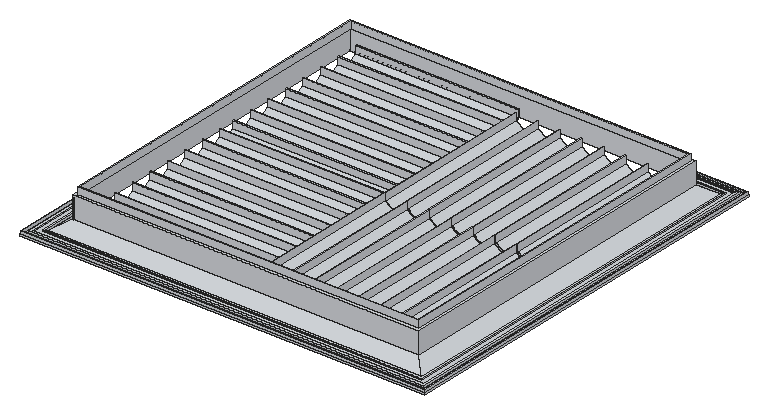
Revit family "QC-MS-2WAY-CORNER", category Generic Models, Revit 2018
Family settings
  Can host rebar = No
  Round Connector Dimension = Use Diameter
  Part Type = Normal
  Work Plane-Based = No
  Always vertical = Yes
  Cut with Voids When Loaded = No
  Shared = No
  Room Calculation Point = No
Parameters (values of type "QC-MS-24X24-2WAY CORNER")
  Thickness = 0' - 0 7/128"  # constant formula
  NOMINAL DUCT WID = 2' - 0"
  NOMINAL DUCT HI = 2' - 0"
  Model = "QC-MS"
  Manufacturer = "ANEMOSTAT PRODUCTS"
  FRAMEGAP = 0' 0 1/4" / 2  # 0' - 0 1/8"
  FACEPLATE = 0' 3 3/4" / 2  # 0' - 1 7/8"
  F9 = 35.20°  # constant formula
  F8 = 0' - 0 49/256"  # constant formula
  F7 = 0' - 0 7/64"  # constant formula
  F6 = 0' - 0 51/256"  # constant formula
  F5 = 0' - 0 133/256"  # constant formula
  F4 = 0' - 1 15/32"  # constant formula
  F3 = 0' - 0 3/4"  # constant formula
  F2 = 0' - 1 9/128"  # constant formula
  F12 = 0' - 0 33/256"  # constant formula
  F11 = 0' - 0 9/32"  # constant formula
  F10 = 0' - 0 25/64"  # constant formula
  F1 = 0' - 1"  # constant formula
  Description = "STEEL MODULAR CORE DIFFUSER W/ LATTICE FACE PLATE"
  BLADES = 8
  BLADE4WUP = QC-BLADE : QC-BLADE
  BLADE4WR = QC-BLADE : QC-BLADE
  BLADE4WLEFT = QC-BLADE : QC-BLADE
  BLADE4WDOWN = QC-BLADE : QC-BLADE
  BLADE4WAY = NOMINAL DUCT HI / 2.15  # 0' - 11.16279"
Types (11): name | NOMINAL DUCT WID | NOMINAL DUCT HI | BLADES | BLADE4WAY
  (no name) | 2' - 0" | 2' - 0" | 8 | 0' - 11.16279"
  QC-MS-06X06-2WAY CORNER | 0' - 6" | 0' - 6" | 2 | 0' - 2.7907"
  QC-MS-08X08-2WAY CORNER | 0' - 8" | 0' - 8" | 2 | 0' - 3.72093"
  QC-MS-10X10-2WAY CORNER | 0' - 10" | 0' - 10" | 3 | 0' - 4.65116"
  QC-MS-12X12-2WAY CORNER | 1' - 0" | 1' - 0" | 4 | 0' - 5.5814"
  QC-MS-14X14-2WAY CORNER | 1' - 2" | 1' - 2" | 4 | 0' - 6.51163"
  QC-MS-16X16-2WAY CORNER | 1' - 4" | 1' - 4" | 5 | 0' - 7.44186"
  QC-MS-18X18-2WAY CORNER | 1' - 6" | 1' - 6" | 6 | 0' - 8.37209"
  QC-MS-20X20-2WAY CORNER | 1' - 8" | 1' - 8" | 6 | 0' - 9.30233"
  QC-MS-22X22-2WAY CORNER | 1' - 10" | 1' - 10" | 7 | 0' - 10.23256"
  QC-MS-24X24-2WAY CORNER | 2' - 0" | 2' - 0" | 8 | 0' - 11.16279"
Reference planes (in)
  plane 1 "Center (Front/Back)": y = 0
  plane 2: z = 0
  plane 3 "Center (Left/Right)": x = 0
  plane 4: x = -12
  plane 5: x = 12
  plane 6: z = 0.75
  plane 7: z = 2.21875
  plane 8: x = -13.07031
  plane 9: x = -14.07031
  plane 10: x = -11.875
  plane 11: x = 11.875
  plane 12: z = 2.73828
  plane 13: x = -11.67578
  plane 14: y = 12
  plane 15: y = -12
  plane 16: y = 11.875
  plane 17: y = -11.875
  plane 18: x = 0.05469
  plane 19: x = -0.05469
  plane 20: y = 0.05469
  plane 21: y = -0.05469
  plane 22: z = 1.46875
Forms (in)
  Extrusion 1, solid
    sketch origin (0, 0, 0) x (1, 0, 0) y (0, 1, 0)
      loop
        line (13.875, 13.875) -> (-13.875, 13.875) -> (-13.875, -13.875) -> (13.875, -13.875) -> (13.875, 13.875)
    from 0 to 0.10938
  Sweep 2, solid
    path in 3D
      loop
        line (-13.875, -13.875, 0.10937) -> (13.875, -13.875, 0.10937) -> (13.875, 13.875, 0.10937) -> (-13.875, 13.875, 0.10937) -> (-13.875, -13.875, 0.10937)
    profile origin (-13.875, 0, 0.10937) x (1, 0, 0) y (0, 0, 1)
      loop
        line (0, 0) -> (1.0078, 0) -> (2.05469, 0.7385) -> (2.05469, 2.20725) -> (2.25391, 2.20725) -> (2.25391, 2.72678) -> (2.19922, 2.72678) -> (2.19922, 2.26194) -> (2, 2.26194) -> (2, 0.76685) -> (0.98438, 0.0504) -> (0.98438, 0.19141) -> (0.85547, 0.19141) -> (0.85547, 0.12679) -> (0.92969, 0.12679) -> (0.92969, 0.05469) -> (0.39062, 0.05469) -> (0.39062, 0.12679) -> (0.46484, 0.12679) -> (0.46484, 0.19141) -> (0.33594, 0.19141) -> (0.33594, 0.05469) -> (0.05469, 0.05469) -> (0.05469, 0.19141) -> (0, 0.19141) -> (0, 0)
  Extrusion 3, void
    sketch origin (0, 0, 0) x (1, 0, 0) y (0, 1, 0)
      loop
        line (-13.01953, 13.01953) -> (-13.01953, -13.01953) -> (13.01953, -13.01953) -> (13.01953, 13.01953) -> (-13.01953, 13.01953)
    from 0 to 0.10938
Cuts and joins
  Extrusion 3 cuts Extrusion 1
  Extrusion 3 cuts Sweep 2
Lines and regions (in)
  sketch lines
    curve 1: line (-13.875, 13.875, 0.10937) -> (-13.875, -13.875, 0.10937)
    curve 2: line (-13.875, -13.875, 0.10937) -> (13.875, -13.875, 0.10937)
    curve 3: line (13.875, -13.875, 0.10937) -> (13.875, 13.875, 0.10937)
    curve 4: line (13.875, 13.875, 0.10937) -> (-13.875, 13.875, 0.10937)
Dimensions and locks (in)
  equal spacing: plane 5, plane 3 "Center (Left/Right)", plane 4
  "NOMINAL DUCT WID": plane 5 to plane 4
  "F3": plane 6 to level
  "F4": plane 7 to plane 6
  "F2": plane 4 to plane 8
  "F1": plane 8 to plane 9
  "FRAMEGAP": plane 10 to plane 4
  "FRAMEGAP": plane 5 to plane 11
  "F5": plane 12 to plane 7
  "F6": plane 13 to plane 10
  equal spacing: plane 14, plane 1 "Center (Front/Back)", plane 15
  "NOMINAL DUCT HI": plane 14 to plane 15
  plane 4 to plane 5 = 2' - 0"
  "FRAMEGAP": plane 14 to plane 16
  "FRAMEGAP": plane 17 to plane 15
  "FACEPLATE": plane 5 to Extrusion 1 sketch curve
  "FACEPLATE": Extrusion 1 sketch curve to plane 15
  "FACEPLATE": Extrusion 1 sketch curve to plane 4
  "FACEPLATE": Extrusion 1 sketch curve to plane 14
  "Thickness": Sweep 2 sketch curve to Sweep 2 sketch curve  (x7)
  "F5": Sweep 2 sketch curve to Sweep 2 sketch curve
  Sweep 2 sketch curve to Sweep 2 sketch curve = 0' - 1 15/32"
  Sweep 2 sketch curve to Extrusion 1 = 0' - 0.7385"
  Sweep 2 sketch curve to Sweep 2 sketch curve = 0' - 0 63/64"
  "F8": Sweep 2 sketch curve to Extrusion 1  (x3)
  "F4": Sweep 2 sketch curve to Sweep 2 sketch curve
  "F2": Sweep 2 sketch curve to Sweep 2 sketch curve
  "Thickness": Sweep 2 sketch curve to Extrusion 1
  "F10": Sweep 2 sketch curve to Sweep 2 sketch curve
  "F11": Sweep 2 sketch curve to Sweep 2 sketch curve
  "F12": Sweep 2 sketch curve to Sweep 2 sketch curve  (x2)
  "F6": Sweep 2 sketch curve to Sweep 2 sketch curve
  equal spacing: plane 19, plane 3 "Center (Left/Right)", plane 18
  equal spacing: plane 21, plane 1 "Center (Front/Back)", plane 20
  "F7": plane 19 to plane 18
  "F7": plane 20 to plane 21
  "F4": plane 22 to level
  equal spacing: group 1, group 2, group 9, group 13, group 17, group 21, group 25, group 29  (x3)
  equal spacing: group 3, group 4, group 10, group 14, group 18, group 22, group 26, group 30  (x3)
  equal spacing: group 5, group 6, group 11, group 15, group 19, group 23, group 27, group 31  (x2)
  equal spacing: group 31, group 27, group 23, group 19, group 15, group 11, group 6, group 5
  equal spacing: group 7, group 8, group 12, group 16, group 20, group 24, group 28, group 32  (x3)
  "F9": angle Extrusion 1 to Sweep 2 sketch curve  (x2)
  aligned and locked: plane 2 to level
  aligned and locked: Sweep 2 sketch curve to Extrusion 1  (x2)
  aligned and locked: Extrusion 3 sketch curve to cut or joined group of Sweep 2, Extrusion 3  (x4)
  aligned and locked: nested 4 to plane 22
  aligned and locked: nested 1 to plane 22
  aligned and locked: nested 2 to plane 18
  aligned and locked: nested 2 to plane 20
  aligned and locked: nested 4 to plane 18
  aligned and locked: nested 4 to plane 21
  aligned and locked: nested 1 to plane 21
  aligned and locked: nested 1 to plane 19
  aligned and locked: nested 3 to plane 19
  aligned and locked: nested 3 to nested 2
  aligned and locked: nested 2 to plane 22
  aligned and locked: nested 3 to plane 22
  aligned and locked: nested 8 to plane 19
  aligned and locked: nested 7 to plane 19
  aligned and locked: nested 6 to plane 21
Automatic sketch dimensions
  profile plane to Sweep 2 sketch curve = 0' - 0 7/128"
  Sweep 2 sketch curve to Sweep 2 sketch curve = 0' - 0.06462"
  Sweep 2 sketch curve to Sweep 2 sketch curve = 0' - 0.0721"
Nested families (in)
  nested 1: "QC-BLADE" at (-11.21748, -0.05469, 0.19922) x (0, 1, 0) z (0, 0, 1), type <- "BLADE4WLEFT", type "QC-BLADE"
    with NOMINAL DUCT HI 1' - 11.72093", MIDBLADE 0' - 5.5814", BLADE4WAY 0' - 11.16279"
  nested 2: "QC-BLADE" at (0.05469, 0.05469, 0.19922) x (-1, 0, 0) z (0, 0, 1), type <- "BLADE4WR", type "QC-BLADE"
    with NOMINAL DUCT HI 1' - 11.72093", MIDBLADE 0' - 5.5814", BLADE4WAY 0' - 11.16279"
  nested 3: "QC-BLADE" at (-11.21748, 1.09766, 0.19922) x (0, 1, 0) z (0, 0, 1), type <- "BLADE4WUP", type "QC-BLADE"
    with NOMINAL DUCT HI 1' - 11.72093", MIDBLADE 0' - 5.5814", BLADE4WAY 0' - 11.16279"
  nested 4: "QC-BLADE" at (0.05469, -11.21748, 0.19922) x (-1, 0, 0) z (0, 0, 1), type <- "BLADE4WDOWN", type "QC-BLADE"
    with NOMINAL DUCT HI 1' - 11.72093", MIDBLADE 0' - 5.5814", BLADE4WAY 0' - 11.16279"
  nested 5: "QC-BLADE" at (1.55469, 0.05469, 0.19922) x (-1, 0, 0) z (0, 0, 1), type <- "BLADE4WR", type "QC-BLADE"
    with NOMINAL DUCT HI 1' - 11.72093", MIDBLADE 0' - 5.5814", BLADE4WAY 0' - 11.16279"
  nested 6: "QC-BLADE" at (1.55469, -11.21748, 0.19922) x (-1, 0, 0) z (0, 0, 1), type <- "BLADE4WDOWN", type "QC-BLADE"
    with NOMINAL DUCT HI 1' - 11.72093", MIDBLADE 0' - 5.5814", BLADE4WAY 0' - 11.16279"
  nested 7: "QC-BLADE" at (-11.21748, -1.55469, 0.19922) x (0, 1, 0) z (0, 0, 1), type <- "BLADE4WLEFT", type "QC-BLADE"
    with NOMINAL DUCT HI 1' - 11.72093", MIDBLADE 0' - 5.5814", BLADE4WAY 0' - 11.16279"
  nested 8: "QC-BLADE" at (-11.21748, 2.59766, 0.19922) x (0, 1, 0) z (0, 0, 1), type <- "BLADE4WUP", type "QC-BLADE"
    with NOMINAL DUCT HI 1' - 11.72093", MIDBLADE 0' - 5.5814", BLADE4WAY 0' - 11.16279"
  nested 9: "QC-BLADE" at (3.05469, 0.05469, 0.19922) x (-1, 0, 0) z (0, 0, 1), type <- "BLADE4WR", type "QC-BLADE"
    with NOMINAL DUCT HI 1' - 11.72093", MIDBLADE 0' - 5.5814", BLADE4WAY 0' - 11.16279"
  nested 10: "QC-BLADE" at (3.05469, -11.21748, 0.19922) x (-1, 0, 0) z (0, 0, 1), type <- "BLADE4WDOWN", type "QC-BLADE"
    with NOMINAL DUCT HI 1' - 11.72093", MIDBLADE 0' - 5.5814", BLADE4WAY 0' - 11.16279"
  nested 11: "QC-BLADE" at (-11.21748, -3.05469, 0.19922) x (0, 1, 0) z (0, 0, 1), type <- "BLADE4WLEFT", type "QC-BLADE"
    with NOMINAL DUCT HI 1' - 11.72093", MIDBLADE 0' - 5.5814", BLADE4WAY 0' - 11.16279"
  nested 12: "QC-BLADE" at (-11.21748, 4.09766, 0.19922) x (0, 1, 0) z (0, 0, 1), type <- "BLADE4WUP", type "QC-BLADE"
    with NOMINAL DUCT HI 1' - 11.72093", MIDBLADE 0' - 5.5814", BLADE4WAY 0' - 11.16279"
  nested 13: "QC-BLADE" at (4.55469, 0.05469, 0.19922) x (-1, 0, 0) z (0, 0, 1), type <- "BLADE4WR", type "QC-BLADE"
    with NOMINAL DUCT HI 1' - 11.72093", MIDBLADE 0' - 5.5814", BLADE4WAY 0' - 11.16279"
  nested 14: "QC-BLADE" at (4.55469, -11.21748, 0.19922) x (-1, 0, 0) z (0, 0, 1), type <- "BLADE4WDOWN", type "QC-BLADE"
    with NOMINAL DUCT HI 1' - 11.72093", MIDBLADE 0' - 5.5814", BLADE4WAY 0' - 11.16279"
  nested 15: "QC-BLADE" at (-11.21748, -4.55469, 0.19922) x (0, 1, 0) z (0, 0, 1), type <- "BLADE4WLEFT", type "QC-BLADE"
    with NOMINAL DUCT HI 1' - 11.72093", MIDBLADE 0' - 5.5814", BLADE4WAY 0' - 11.16279"
  nested 16: "QC-BLADE" at (-11.21748, 5.59766, 0.19922) x (0, 1, 0) z (0, 0, 1), type <- "BLADE4WUP", type "QC-BLADE"
    with NOMINAL DUCT HI 1' - 11.72093", MIDBLADE 0' - 5.5814", BLADE4WAY 0' - 11.16279"
  nested 17: "QC-BLADE" at (6.05469, 0.05469, 0.19922) x (-1, 0, 0) z (0, 0, 1), type <- "BLADE4WR", type "QC-BLADE"
    with NOMINAL DUCT HI 1' - 11.72093", MIDBLADE 0' - 5.5814", BLADE4WAY 0' - 11.16279"
  nested 18: "QC-BLADE" at (6.05469, -11.21748, 0.19922) x (-1, 0, 0) z (0, 0, 1), type <- "BLADE4WDOWN", type "QC-BLADE"
    with NOMINAL DUCT HI 1' - 11.72093", MIDBLADE 0' - 5.5814", BLADE4WAY 0' - 11.16279"
  nested 19: "QC-BLADE" at (-11.21748, -6.05469, 0.19922) x (0, 1, 0) z (0, 0, 1), type <- "BLADE4WLEFT", type "QC-BLADE"
    with NOMINAL DUCT HI 1' - 11.72093", MIDBLADE 0' - 5.5814", BLADE4WAY 0' - 11.16279"
  nested 20: "QC-BLADE" at (-11.21748, 7.09766, 0.19922) x (0, 1, 0) z (0, 0, 1), type <- "BLADE4WUP", type "QC-BLADE"
    with NOMINAL DUCT HI 1' - 11.72093", MIDBLADE 0' - 5.5814", BLADE4WAY 0' - 11.16279"
  nested 21: "QC-BLADE" at (7.55469, 0.05469, 0.19922) x (-1, 0, 0) z (0, 0, 1), type <- "BLADE4WR", type "QC-BLADE"
    with NOMINAL DUCT HI 1' - 11.72093", MIDBLADE 0' - 5.5814", BLADE4WAY 0' - 11.16279"
  nested 22: "QC-BLADE" at (7.55469, -11.21748, 0.19922) x (-1, 0, 0) z (0, 0, 1), type <- "BLADE4WDOWN", type "QC-BLADE"
    with NOMINAL DUCT HI 1' - 11.72093", MIDBLADE 0' - 5.5814", BLADE4WAY 0' - 11.16279"
  nested 23: "QC-BLADE" at (-11.21748, -7.55469, 0.19922) x (0, 1, 0) z (0, 0, 1), type <- "BLADE4WLEFT", type "QC-BLADE"
    with NOMINAL DUCT HI 1' - 11.72093", MIDBLADE 0' - 5.5814", BLADE4WAY 0' - 11.16279"
  nested 24: "QC-BLADE" at (-11.21748, 8.59766, 0.19922) x (0, 1, 0) z (0, 0, 1), type <- "BLADE4WUP", type "QC-BLADE"
    with NOMINAL DUCT HI 1' - 11.72093", MIDBLADE 0' - 5.5814", BLADE4WAY 0' - 11.16279"
  nested 25: "QC-BLADE" at (9.05469, 0.05469, 0.19922) x (-1, 0, 0) z (0, 0, 1), type <- "BLADE4WR", type "QC-BLADE"
    with NOMINAL DUCT HI 1' - 11.72093", MIDBLADE 0' - 5.5814", BLADE4WAY 0' - 11.16279"
  nested 26: "QC-BLADE" at (9.05469, -11.21748, 0.19922) x (-1, 0, 0) z (0, 0, 1), type <- "BLADE4WDOWN", type "QC-BLADE"
    with NOMINAL DUCT HI 1' - 11.72093", MIDBLADE 0' - 5.5814", BLADE4WAY 0' - 11.16279"
  nested 27: "QC-BLADE" at (-11.21748, -9.05469, 0.19922) x (0, 1, 0) z (0, 0, 1), type <- "BLADE4WLEFT", type "QC-BLADE"
    with NOMINAL DUCT HI 1' - 11.72093", MIDBLADE 0' - 5.5814", BLADE4WAY 0' - 11.16279"
  nested 28: "QC-BLADE" at (-11.21748, 10.09766, 0.19922) x (0, 1, 0) z (0, 0, 1), type <- "BLADE4WUP", type "QC-BLADE"
    with NOMINAL DUCT HI 1' - 11.72093", MIDBLADE 0' - 5.5814", BLADE4WAY 0' - 11.16279"
  nested 29: "QC-BLADE" at (10.55469, 0.05469, 0.19922) x (-1, 0, 0) z (0, 0, 1), type <- "BLADE4WR", type "QC-BLADE"
    with NOMINAL DUCT HI 1' - 11.72093", MIDBLADE 0' - 5.5814", BLADE4WAY 0' - 11.16279"
  nested 30: "QC-BLADE" at (10.55469, -11.21748, 0.19922) x (-1, 0, 0) z (0, 0, 1), type <- "BLADE4WDOWN", type "QC-BLADE"
    with NOMINAL DUCT HI 1' - 11.72093", MIDBLADE 0' - 5.5814", BLADE4WAY 0' - 11.16279"
  nested 31: "QC-BLADE" at (-11.21748, -10.55469, 0.19922) x (0, 1, 0) z (0, 0, 1), type <- "BLADE4WLEFT", type "QC-BLADE"
    with NOMINAL DUCT HI 1' - 11.72093", MIDBLADE 0' - 5.5814", BLADE4WAY 0' - 11.16279"
  nested 32: "QC-BLADE" at (-11.21748, 11.59766, 0.19922) x (0, 1, 0) z (0, 0, 1), type <- "BLADE4WUP", type "QC-BLADE"
    with NOMINAL DUCT HI 1' - 11.72093", MIDBLADE 0' - 5.5814", BLADE4WAY 0' - 11.16279"
Connectors (in)
  hvac at (0, 0, 2.37131), driven by "NOMINAL DUCT WID", driven by "NOMINAL DUCT HI"
    settings: on cut or joined group of Sweep 2, Extrusion 3, index 1, duct flow 0 CFM, flow factor 0, pres drop 0.00 in-wg, loss coef 0, conn angle 0.00°, conn width 24", conn height 24", conn diameter 24", duct sys type 1, conn prof type 1, flow config 0, flow direction 0, loss method 0, conn ref index -1, conn util no, is conn primary yes, conn desc ""
Definition of nested family "QC-BLADE"
  Parameters (values of type "QC-BLADE")
    Thickness = 0' - 0 7/128"  # constant formula
    NOMINAL DUCT WID = 0' - 6"
    NOMINAL DUCT HI = 0' - 6"
    Model = "QC-MS"
    Manufacturer = "ANEMOSTAT PRODUCTS"
    MIDBLADE = BLADE4WAY / 2  # 0' - 1.41176"
    FRAMEGAP = 0' 0 1/4" / 2  # 0' - 0 1/8"
    FACEPLATE = 0' 3 3/4" / 2  # 0' - 1 7/8"
    F9 = 35.20°  # constant formula
    F8 = 0' - 0 49/256"  # constant formula
    F7 = 0' - 0 7/64"  # constant formula
    F6 = 0' - 0 51/256"  # constant formula
    F5 = 0' - 0 133/256"  # constant formula
    F4 = 0' - 1 15/32"  # constant formula
    F3 = 0' - 0 3/4"  # constant formula
    F2 = 0' - 1 9/128"  # constant formula
    F12 = 0' - 0 33/256"  # constant formula
    F11 = 0' - 0 9/32"  # constant formula
    F10 = 0' - 0 25/64"  # constant formula
    F1 = 0' - 1"  # constant formula
    Description = "BLADE"
    BLADE4WAY = NOMINAL DUCT HI / 2.125  # 0' - 2.82353"
  Reference planes (in)
    plane 1 "Center (Front/Back)": y = 0
    plane 2: z = 0
    plane 3 "Center (Left/Right)": x = 0
    plane 4: x = -3
    plane 5: x = 3
    plane 6: z = 0.75
    plane 7: z = 2.21875
    plane 8: x = -4.07031
    plane 9: x = -5.07031
    plane 10: x = -2.875
    plane 11: x = 2.875
    plane 12: z = 2.73828
    plane 13: x = -2.67578
    plane 14: y = -3
    plane 15: y = -2.875
    plane 16: x = 0
    plane 17: y = -1.41176
  Forms (in)
    Extrusion 1, solid
      sketch origin (0, 0, 0) x (1, 0, 0) y (0, 0, 1)
        loop
          line (0.02734, 1.26953) -> (-0.02734, 1.26953) -> (-0.02734, 0.77835) -> (-1.06956, 0.04315) -> (-1.04297, -0.00502) -> (0.02734, 0.75) -> (0.02734, 1.26953)
      from 0 to 2.82353 <- "BLADE4WAY"
  Dimensions and locks (in)
    equal spacing: plane 5, plane 3 "Center (Left/Right)", plane 4
    "NOMINAL DUCT WID": plane 5 to plane 4
    "F3": plane 6 to level
    "F4": plane 7 to plane 6
    "F2": plane 4 to plane 8
    "F1": plane 8 to plane 9
    "FRAMEGAP": plane 10 to plane 4
    "FRAMEGAP": plane 5 to plane 11
    "F5": plane 12 to plane 7
    "F6": plane 13 to plane 10
    plane 1 "Center (Front/Back)" to plane 14 = 0' - 3"
    plane 4 to plane 5 = 0' - 6"
    "FRAMEGAP": plane 15 to plane 14
    "Thickness": Extrusion 1 sketch curve to Extrusion 1 sketch curve  (x2)
    "F5": Extrusion 1 sketch curve to Extrusion 1 sketch curve
    "F2": Extrusion 1 sketch curve to Extrusion 1 sketch curve
    locked: plane 16 to Extrusion 1 sketch curve at 0.02734
    "MIDBLADE": plane 17 to plane 1 "Center (Front/Back)"
    "F9": angle level to Extrusion 1 sketch curve  (x2)
    aligned and locked: plane 2 to level
    aligned and locked: plane 3 "Center (Left/Right)" to plane 16
  Automatic sketch dimensions
    Extrusion 1 sketch curve to plane 6 = 0' - 0"
    level to Extrusion 1 sketch curve = 0' - 0.04315"
